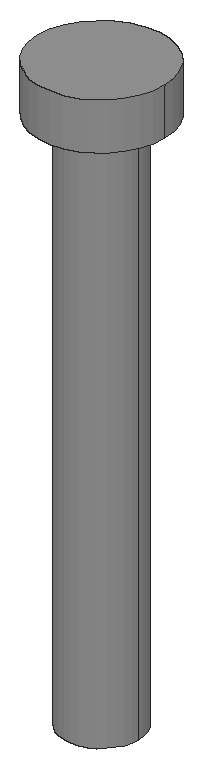
Revit family "Connection-Welded Shear Stud-Composite Floor Decking_Temp_c1c4bf35-942a-4010-ae56-a899d25e8be7", category Structural Connections, host Face, Revit 2016
Family settings
  Host = Face
  Material for Model Behavior = Steel
  Enable cutting in views = Yes
  Cut with Voids When Loaded = No
  Shared = No
Parameters (values of type "150mm")
  Uniclass2015Version = "2015"  # constant formula
  Uniclass2015Title = "Composite steel and concrete floor, roof or balcony deck systems"  # constant formula
  Uniclass2015Code = "Ss_30_12_85_16"  # constant formula
  URL = "http://www.comflor.nz"
  Type Comments = "G450 Steel"  # constant formula
  Trademark = "ComFlor® is a registered trade mark used in Australia and New Zealand under licence from Tata Steel UK Limited."  # constant formula
  Stud Radius = 9.5 mm
  Stud Material = Metal
  Stud Length = 150 mm
  SpecificationReference = "3151C"  # constant formula
  SpecificationDescription = "ComFlor composite floor system"  # constant formula
  Model = "Welded Shear Stud"  # constant formula
  Material Standard = "AS/NZS 1554.2:2003"  # constant formula
  ManufacturerURL = "http://www.steelandtube.co.nz"
  ManufacturerName = Manufacturer  # "Supplied by Steel & Tube"
  Manufacturer = "Supplied by Steel & Tube"  # constant formula
  Head Radius = 16 mm
  Head = 12 mm
  Disclaimer [instance] = "Steel & Tube makes no representations or warranties about the information in this document, including (but not limited to) whether the information, and any materials referred to, are fit for purpose. The user is responsible for ensuring that the information, and any materials referred to, are fit for the purpose for which they are intended to be used. Except as required by law, Steel & Tube is not liable for any cost, loss, claim or expense incurred by any person as a result of any person using or relying on the information in this document."  # constant formula
  Description = "Stud shear connector for use with ComFlor® range"  # constant formula
  Default Elevation = 1219.2 mm
  ComFlor Technical Resources = "http://www.comflor.nz/technical-resources"
  ComFlor Design Software = "http://www.comflor.nz/technical-resources/comflor-software"
  CBIDescription = "Composite construction of in situ concrete and permanent formwork"  # constant formula
  CBICode = "3151"  # constant formula
Reference planes
  plane 1 "Center (Front/Back)": y = 0
  plane 2: z = 0
  plane 3 "Center (Left/Right)": x = 0
  plane 4 "Head": z = 150
  plane 5 "Shank": z = 138
Forms (mm)
  Extrusion 1, solid, material "Metal" <- "Stud Material"
    sketch origin (0, 0, 0) x (1, 0, 0) y (0, 1, 0)
      loop
        circle (0, 0) r 9.5
    from 0 to 138
  Extrusion 2, solid, material "Metal" <- "Stud Material"
    sketch origin (0, 0, 138) x (-1, 0, 0) y (0, -1, 0)
      loop
        circle (0, 0) r 16
    from 0 to 12
Dimensions and locks
  "Stud Length": plane 4 "Head" to level
  "Head": plane 4 "Head" to plane 5 "Shank"
  "Stud Radius": radius of Extrusion 1 sketch curve
  "Head Radius": radius of Extrusion 2 sketch curve
  aligned and locked: plane 2 to host face
  aligned and locked: level to host face
  aligned and locked: plane 1 "Center (Front/Back)" to Extrusion 1 sketch curve
  aligned and locked: plane 3 "Center (Left/Right)" to Extrusion 1 sketch curve
  aligned and locked: plane 1 "Center (Front/Back)" to Extrusion 2 sketch curve
  aligned and locked: plane 3 "Center (Left/Right)" to Extrusion 2 sketch curve
  aligned and locked: plane 4 "Head" to Extrusion 2
  aligned and locked: plane 5 "Shank" to Extrusion 1
Automatic sketch dimensions
  host sketch curve to host sketch curve = 2438.4 mm  (x2)
